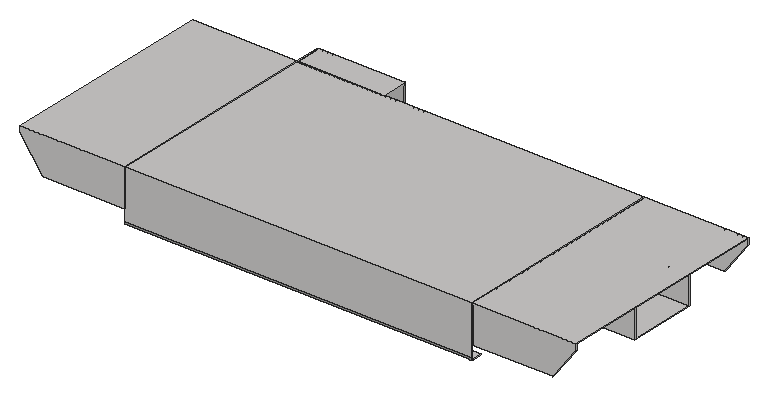
Revit family "QF_Vollrath_351036", category Specialty Equipment, Revit 2016
Family settings
  Part Type = Normal
  Round Connector Dimension = Use Diameter
  OmniClass Number = 23.40.40.00
  OmniClass Title = Food Service Equipment and Furnishings
  Work Plane-Based = No
  Always vertical = Yes
  Cut with Voids When Loaded = No
  Shared = No
  Room Calculation Point = No
Parameters
  Width = 48.64"
  Watermarked By = ""
  Model = "351036"
  Manufacturer = "Vollrath"
  Item Number = "-"
  Height = 8.56"
  Front Pass Thru [instance] = not(Back Pass Thru)  # no
  Description = "Pass Thru Stack Kit"
  Depth = 21.16"
  Back Pass Thru [instance] = yes
  Assembly Code = "E1090300"
Reference planes (in)
  plane 1 "BACK": y = 0
  plane 2: z = 0
  plane 3 "LEFT": x = -16.56573
  plane 4 "FRONT": y = -21.16
  plane 5 "RIGHT": x = 32.07427
  plane 6 "TOP": z = 8.56
  plane 7 "Inner Left": x = -7.43073
  plane 8 "Inner Back": y = -2.32
  plane 9: y = -3.36
  plane 10: y = -20.12
  plane 11: y = -11.74
  plane 12 "Inner Right": x = 22.93427
  plane 13: y = -14.74
  plane 14: y = -8.74
  plane 15: z = 5.28
  plane 16: z = 4.02
  plane 17: x = 0.24927
  plane 18: y = -23.48
  plane 19: x = 7.75177
Forms (in)
  Extrusion 1, solid, material "QF_Stainless-Polished", visible <- "Back Pass Thru"
    sketch origin (0, 0, 8.56) x (0, 1, 0) y (-1, 0, 0)
      loop
        line (-0.19, 7.43073) -> (-2.32, 7.43073) -> (-2.32, 7.37073) -> (-0.19, 7.37073)
        arc (-0.19, 7.37073) -> (-0.09808, 7.33265) -> (-0.06, 7.24073) r 0.13
        line (-0.06, 7.24073) -> (-0.06, -0.05927)
        arc (-0.06, -0.05927) -> (-0.09808, -0.1512) -> (-0.19, -0.18927) r 0.13
        line (-0.19, -0.18927) -> (-2.32, -0.18927) -> (-2.32, -0.24927) -> (-0.19, -0.24927)
        arc (-0.19, -0.24927) -> (-0.05565, -0.19362) -> (0, -0.05927) r 0.19
        line (0, -0.05927) -> (0, 7.24073)
        arc (0, 7.24073) -> (-0.05565, 7.37508) -> (-0.19, 7.43073) r 0.19
    from 0 to -8.56
  Extrusion 2, solid, material "QF_Stainless-Polished", visible <- "Front Pass Thru"
    sketch origin (0, -23.48, 8.56) x (0, -1, 0) y (1, 0, 0)
      loop
        arc (-0.19, -7.43073) -> (-0.05565, -7.37508) -> (0, -7.24073) r 0.19
        line (0, -7.24073) -> (0, 0.05927)
        arc (0, 0.05927) -> (-0.05565, 0.19362) -> (-0.19, 0.24927) r 0.19
        line (-0.19, 0.24927) -> (-2.32, 0.24927) -> (-2.32, 0.18927) -> (-0.19, 0.18927)
        arc (-0.19, 0.18927) -> (-0.09808, 0.1512) -> (-0.06, 0.05927) r 0.13
        line (-0.06, 0.05927) -> (-0.06, -7.24073)
        arc (-0.06, -7.24073) -> (-0.09808, -7.33265) -> (-0.19, -7.37073) r 0.13
        line (-0.19, -7.37073) -> (-2.32, -7.37073) -> (-2.32, -7.43073) -> (-0.19, -7.43073)
    from 0 to -8.56
  Extrusion 3, solid, material "QF_Stainless-Polished", visible <- "Back Pass Thru"
    sketch origin (0, 0, 8.56) x (0, 1, 0) y (-1, 0, 0)
      loop
        line (-2.32, 7.37073) -> (-2.32, -0.18927) -> (-0.19, -0.18927)
        arc (-0.19, -0.18927) -> (-0.09808, -0.1512) -> (-0.06, -0.05927) r 0.13
        line (-0.06, -0.05927) -> (-0.06, 7.24073)
        arc (-0.06, 7.24073) -> (-0.09808, 7.33265) -> (-0.19, 7.37073) r 0.13
        line (-0.19, 7.37073) -> (-2.32, 7.37073)
    from 0 to -0.06
  Extrusion 4, solid, material "QF_Stainless-Polished", visible <- "Front Pass Thru"
    sketch origin (0, 0, 8.56) x (0, 1, 0) y (-1, 0, 0)
      loop
        arc (-23.29, 7.37073) -> (-23.38192, 7.33265) -> (-23.42, 7.24073) r 0.13
        line (-23.42, 7.24073) -> (-23.42, -0.05927)
        arc (-23.42, -0.05927) -> (-23.38192, -0.1512) -> (-23.29, -0.18927) r 0.13
        line (-23.29, -0.18927) -> (-21.16, -0.18927) -> (-21.16, 7.37073) -> (-23.29, 7.37073)
    from 0 to -0.06
  Extrusion 5, solid, material "QF_Stainless-Polished"
    sketch origin (-16.56573, 0, 0) x (0, 1, 0) y (0, 0, 1)
      loop
        line (-2.32, 8.56) -> (-21.16, 8.56) -> (-21.16, 5.28) -> (-21.1, 5.28) -> (-21.1, 8.5) -> (-2.38, 8.5) -> (-2.38, 5.28) -> (-2.32, 5.28) -> (-2.32, 8.56)
    from 0 to 9.135
  Extrusion 6, solid, material "QF_Stainless-Polished"
    sketch origin (32.07427, 0, 0) x (0, 1, 0) y (0, 0, 1)
      loop
        line (-2.32, 8.56) -> (-21.16, 8.56) -> (-21.16, 5.28) -> (-21.1, 5.28) -> (-21.1, 8.5) -> (-2.38, 8.5) -> (-2.38, 5.28) -> (-2.32, 5.28) -> (-2.32, 8.56)
    from 0 to -9.14
  Extrusion 7, void
    sketch origin (0, -2.32, 0) x (1, 0, 0) y (0, 0, 1)
      loop
        line (-16.56573, 5.28) -> (-14.49981, 5.28)
        arc (-14.49981, 5.28) -> (-14.5586, 5.29405) -> (-14.60468, 5.33317) r 0.13
        line (-14.60468, 5.33317) -> (-16.54059, 7.9757)
        arc (-16.54059, 7.9757) -> (-16.55928, 8.01211) -> (-16.56573, 8.05252) r 0.13
        line (-16.56573, 8.05252) -> (-16.56573, 5.28)
      loop
        line (32.07427, 5.28) -> (32.07427, 8.05935)
        arc (32.07427, 8.05935) -> (32.06783, 8.01893) -> (32.04914, 7.98252) r 0.13
        line (32.04914, 7.98252) -> (30.10823, 5.33317)
        arc (30.10823, 5.33317) -> (30.06215, 5.29405) -> (30.00336, 5.28) r 0.13
        line (30.00336, 5.28) -> (32.07427, 5.28)
    from 0 to 18.84
  Extrusion 8, solid, material "QF_Stainless-Polished"
    sketch origin (-7.43073, 0, 0) x (0, 1, 0) y (0, 0, 1)
      loop
        line (-2.38, 5.28) -> (-2.38, 8.5) -> (-21.1, 8.5) -> (-21.1, 5.28) -> (-2.38, 5.28)
    from 0 to -0.06
  Extrusion 9, solid, material "QF_Stainless-Polished"
    sketch origin (22.93427, 0, 0) x (0, 1, 0) y (0, 0, 1)
      loop
        line (-21.1, 5.28) -> (-2.38, 5.28) -> (-2.38, 8.5) -> (-21.1, 8.5) -> (-21.1, 5.28)
    from 0 to 0.06
  Extrusion 10, solid, material "QF_Stainless-Polished"
    sketch origin (-7.43073, 0, 0) x (0, 1, 0) y (0, 0, 1)
      loop
        line (-8.74, 6.06) -> (-8.74, 8.5) -> (-8.8, 8.5) -> (-8.8, 6.12) -> (-14.68, 6.12) -> (-14.68, 8.5) -> (-14.74, 8.5) -> (-14.74, 6.06) -> (-8.74, 6.06)
    from -9.135 to 39.505
  Extrusion 11, solid, material "QF_Stainless-Polished"
    sketch origin (-7.43073, 0, 0) x (0, 1, 0) y (0, 0, 1)
      loop
        line (-2.32, 8.56) -> (-21.16, 8.56) -> (-21.16, 8.5) -> (-2.32, 8.5) -> (-2.32, 8.56)
    from 0 to 30.365
  Extrusion 12, solid, material "QF_Stainless-Polished"
    sketch origin (-7.43073, 0, 0) x (0, 1, 0) y (0, 0, 1)
      loop
        line (-2.32, 8.5) -> (-2.38, 8.5) -> (-2.38, 4.21)
        arc (-2.38, 4.21) -> (-2.41808, 4.11808) -> (-2.51, 4.08) r 0.13
        line (-2.51, 4.08) -> (-3.36, 4.08) -> (-3.36, 4.02) -> (-2.51, 4.02)
        arc (-2.51, 4.02) -> (-2.37565, 4.07565) -> (-2.32, 4.21) r 0.19
        line (-2.32, 4.21) -> (-2.32, 8.5)
      loop
        line (-21.16, 8.5) -> (-21.16, 4.21)
        arc (-21.16, 4.21) -> (-21.10435, 4.07565) -> (-20.97, 4.02) r 0.19
        line (-20.97, 4.02) -> (-20.12, 4.02) -> (-20.12, 4.08) -> (-20.97, 4.08)
        arc (-20.97, 4.08) -> (-21.06192, 4.11808) -> (-21.1, 4.21) r 0.13
        line (-21.1, 4.21) -> (-21.1, 8.5) -> (-21.16, 8.5)
    from 0 to 30.365
Cuts and joins
  joined: Extrusion 1, Extrusion 3
  joined: Extrusion 2, Extrusion 4
  Extrusion 7 cuts Extrusion 5
  joined: Extrusion 5, Extrusion 8
  Extrusion 7 cuts Extrusion 6
  joined: Extrusion 6, Extrusion 9
  joined: Extrusion 11, Extrusion 12
Lines and regions (in)
  symbolic lines
    curve 1: line (-16.56573, -21.16, 8.56) -> (32.07427, -21.16, 8.56)
    curve 2: line (-16.56573, -2.32, 8.56) -> (-16.56573, -21.16, 8.56)
    curve 3: line (32.07427, -2.32, 8.56) -> (-16.56573, -2.32, 8.56)
    curve 4: line (32.07427, -21.16, 8.56) -> (32.07427, -2.32, 8.56)
  symbolic lines, visible <- "Back Pass Thru"
    curve 5: line (-7.43073, -0.19, 8.56) -> (-7.43073, -2.32, 8.56)
    curve 6: arc (-7.24073, 0, 8.56) -> (-7.37508, -0.05565, 8.56) -> (-7.43073, -0.19, 8.56) r 0.19
    curve 7: line (0.05927, 0, 8.56) -> (-7.24073, 0, 8.56)
    curve 8: arc (0.24927, -0.19, 8.56) -> (0.19362, -0.05565, 8.56) -> (0.05927, 0, 8.56) r 0.19
    curve 9: line (0.24927, -2.32, 8.56) -> (0.24927, -0.19, 8.56)
  symbolic lines, visible <- "Front Pass Thru"
    curve 10: line (-7.43073, -21.16, 8.56) -> (-7.43073, -23.29, 8.56)
    curve 11: arc (-7.43073, -23.29, 8.56) -> (-7.37508, -23.42435, 8.56) -> (-7.24073, -23.48, 8.56) r 0.19
    curve 12: line (-7.24073, -23.48, 8.56) -> (0.05927, -23.48, 8.56)
    curve 13: arc (0.05927, -23.48, 8.56) -> (0.19362, -23.42435, 8.56) -> (0.24927, -23.29, 8.56) r 0.19
    curve 14: line (0.24927, -23.29, 8.56) -> (0.24927, -21.16, 8.56)
Dimensions and locks (in)
  "Width": plane 3 "LEFT" to plane 5 "RIGHT"
  "Depth": plane 4 "FRONT" to plane 1 "BACK"
  "Height": plane 6 "TOP" to plane 2
  plane 3 "LEFT" to plane 7 "Inner Left" = 9.135"
  locked: plane 8 "Inner Back" to plane 1 "BACK" at 2.32
  locked: plane 9 to plane 8 "Inner Back" at 1.04
  locked: plane 10 to plane 4 "FRONT" at 1.04
  equal spacing: plane 9, plane 11, plane 10
  locked: plane 12 "Inner Right" to plane 5 "RIGHT" at 9.14
  equal spacing: plane 13, plane 11, plane 14, locked at 3 each
  locked: plane 6 "TOP" to plane 15 at 3.28
  locked: plane 15 to plane 16 at 1.26
  locked: plane 7 "Inner Left" to plane 17 at 7.68
  locked: plane 4 "FRONT" to plane 18 at 2.32
  equal spacing: plane 7 "Inner Left", plane 19, plane 12 "Inner Right"
  aligned and locked: level to plane 2
  aligned and locked: Extrusion 1 sketch curve to plane 7 "Inner Left"
  aligned and locked: Extrusion 1 sketch curve to plane 1 "BACK"
  aligned and locked: plane 17 to Extrusion 1 sketch curve
  aligned and locked: Extrusion 1 sketch curve to plane 8 "Inner Back"
  aligned and locked: Extrusion 1 to level
  aligned and locked: plane 18 to Extrusion 2 sketch curve
  aligned and locked: Extrusion 2 sketch curve to plane 17
  aligned and locked: plane 7 "Inner Left" to Extrusion 2 sketch curve
  aligned and locked: plane 4 "FRONT" to Extrusion 2 sketch curve
  aligned and locked: Extrusion 2 sketch curve to plane 4 "FRONT"
  aligned and locked: Extrusion 3 sketch curve to Extrusion 1  (x4)
  aligned and locked: Extrusion 4 sketch curve to Extrusion 2  (x3)
  aligned and locked: Extrusion 4 sketch curve to plane 4 "FRONT"
  aligned and locked: plane 8 "Inner Back" to Extrusion 5 sketch curve
  aligned and locked: Extrusion 5 sketch curve to cut or joined group of Extrusion 2, Extrusion 4
  aligned and locked: cut or joined group of Extrusion 2, Extrusion 4 to Extrusion 5 sketch curve
  aligned and locked: Extrusion 5 sketch curve to plane 15  (x2)
  aligned and locked: plane 7 "Inner Left" to Extrusion 5
  aligned and locked: Extrusion 6 to plane 12 "Inner Right"
  aligned and locked: Extrusion 7 sketch curve to plane 3 "LEFT"
  aligned and locked: Extrusion 7 sketch curve to plane 15
  aligned and locked: Extrusion 7 sketch curve to plane 5 "RIGHT"
  aligned and locked: plane 15 to Extrusion 7 sketch curve
  aligned and locked: Extrusion 7 to plane 4 "FRONT"
  aligned and locked: Extrusion 8 sketch curve to cut or joined group of Extrusion 5, Extrusion 7, Extrusion 8  (x4)
  aligned and locked: Extrusion 9 sketch curve to Extrusion 8
  aligned and locked: Extrusion 9 sketch curve to cut or joined group of Extrusion 5, Extrusion 7, Extrusion 8  (x3)
  aligned and locked: Extrusion 11 sketch curve to cut or joined group of Extrusion 5, Extrusion 7, Extrusion 8
  aligned and locked: Extrusion 11 sketch curve to cut or joined group of Extrusion 1, Extrusion 3
  aligned and locked: cut or joined group of Extrusion 2, Extrusion 4 to Extrusion 11 sketch curve
  aligned and locked: Extrusion 11 sketch curve to cut or joined group of Extrusion 2, Extrusion 4
  aligned and locked: plane 12 "Inner Right" to Extrusion 11
  aligned and locked: Extrusion 12 sketch curve to plane 9
  aligned and locked: Extrusion 12 sketch curve to plane 10
  aligned and locked: plane 16 to Extrusion 12 sketch curve
  aligned and locked: plane 4 "FRONT" to Extrusion 12 sketch curve
  aligned and locked: plane 12 "Inner Right" to Extrusion 12
  aligned and locked: curve 2 to cut or joined group of Extrusion 5, Extrusion 7, Extrusion 8
  aligned and locked: curve 3 to cut or joined group of Extrusion 6, Extrusion 7, Extrusion 9
  aligned and locked: curve 4 to cut or joined group of Extrusion 6, Extrusion 7, Extrusion 9
Automatic sketch dimensions
  Extrusion 1 sketch curve to Extrusion 1 sketch curve = 0"  (x4)
  plane 8 "Inner Back" to Extrusion 1 sketch curve = 0"
  plane 1 "BACK" to Extrusion 1 sketch curve = 0.19"
  plane 7 "Inner Left" to Extrusion 1 sketch curve = 0.06"
  Extrusion 1 sketch curve to Extrusion 1 sketch curve = 0.13"
  Extrusion 2 sketch curve to Extrusion 2 sketch curve = 0"  (x4)
  Extrusion 2 sketch curve to plane 18 = 0.19"
  Extrusion 2 sketch curve to plane 7 "Inner Left" = 0.06"
  Extrusion 2 sketch curve to Extrusion 2 sketch curve = 0.13"
  Extrusion 3 sketch curve to Extrusion 3 sketch curve = 0.13"  (x2)
  Extrusion 4 sketch curve to Extrusion 4 sketch curve = 0.13"  (x2)
  plane 4 "FRONT" to Extrusion 5 sketch curve = 0.06"
  Extrusion 5 sketch curve to Extrusion 5 sketch curve = 0.06"
  Extrusion 5 sketch curve to plane 6 "TOP" = 0.06"
  Extrusion 6 sketch curve to plane 4 "FRONT" = 0"
  Extrusion 6 sketch curve to plane 15 = 0"  (x2)
  Extrusion 6 sketch curve to plane 8 "Inner Back" = 0"
  Extrusion 6 sketch curve to plane 6 "TOP" = 0"
  plane 4 "FRONT" to Extrusion 6 sketch curve = 0.06"
  Extrusion 6 sketch curve to Extrusion 6 sketch curve = 0.06"
  Extrusion 6 sketch curve to plane 6 "TOP" = 0.06"
  plane 3 "LEFT" to Extrusion 7 sketch curve = 0.02513"
  Extrusion 7 sketch curve to Extrusion 7 sketch curve = 0.10487"
  plane 15 to Extrusion 7 sketch curve = 0.05317"  (x2)
  plane 3 "LEFT" to Extrusion 7 sketch curve = 1.96105"
  plane 15 to Extrusion 7 sketch curve = 0.13"  (x2)
  Extrusion 7 sketch curve to plane 5 "RIGHT" = 2.07091"
  Extrusion 7 sketch curve to plane 5 "RIGHT" = 0.13"
  Extrusion 7 sketch curve to plane 5 "RIGHT" = 0.02513"
  Extrusion 7 sketch curve to plane 6 "TOP" = 0.57748"
  Extrusion 7 sketch curve to plane 6 "TOP" = 0.5843"
  Extrusion 7 sketch curve to Extrusion 7 sketch curve = 0"  (x2)
  Extrusion 12 sketch curve to Extrusion 12 sketch curve = 0"  (x4)
  Extrusion 12 sketch curve to plane 16 = 0"
  Extrusion 12 sketch curve to plane 8 "Inner Back" = 0"
  plane 4 "FRONT" to Extrusion 12 sketch curve = 0.06"
  Extrusion 12 sketch curve to Extrusion 12 sketch curve = 0.13"
  Extrusion 12 sketch curve to Extrusion 12 sketch curve = 0.19"
  plane 8 "Inner Back" to Extrusion 12 sketch curve = 0.06"
  Extrusion 12 sketch curve to plane 6 "TOP" = 0.06"  (x2)
  curve 1 to plane 4 "FRONT" = 0"
  curve 5 to plane 7 "Inner Left" = 0"
  plane 1 "BACK" to curve 5 = 0.19"
  plane 1 "BACK" to curve 6 = 0"
  curve 7 to plane 17 = 0.19"
  curve 8 to plane 17 = 0"
  curve 10 to plane 7 "Inner Left" = 0"
  plane 18 to curve 10 = 0.19"
  curve 11 to plane 18 = 0"
  curve 12 to plane 17 = 0.19"
  curve 13 to plane 17 = 0"
  Extrusion 10 sketch curve to plane 13 = 0"
  Extrusion 10 sketch curve to plane 14 = 0"
  Extrusion 10 sketch curve to Extrusion 10 sketch curve = 0.06"  (x2)
  plane 14 to Extrusion 10 sketch curve = 0.06"
  plane 16 to Extrusion 10 sketch curve = 2.04"
  plane 16 to Extrusion 10 sketch curve = 4.48"  (x2)
